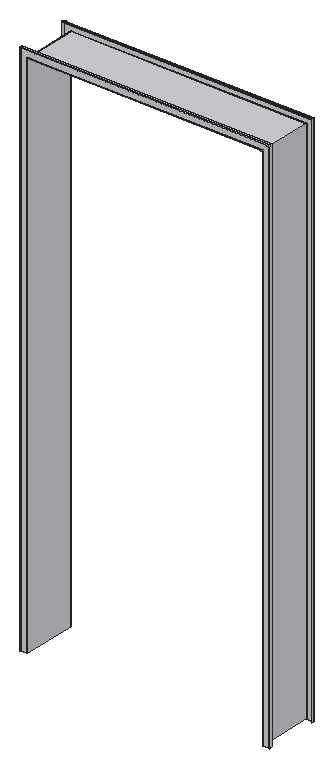
Revit family "BOS-Durchgangszarge-D-MW_Familie", category Türen, Revit 2017
Family settings
  Basisbauteil = Wand
  Immer vertikal = Ja
  Beim Laden mit Abzugskörper schneiden = Nein
  Gemeinsam genutzt = Nein
  Raumberechnungspunkt = Ja
Parameters (values of type "D")
  Wandstärke   Wall Thickness [instance] = 200 mm
  URL = "www.BestOfSteel.de/stahlzargen/weitere-loesungen/durchgangszargen/"
  Typenbild = <Keine Auswahl>
  Spiegel vorne   Architrave Front [instance] = 30 mm
  Spiegel vorne [instance] = if(Spiegel vorne   Architrave Front < 30 mm, 30 mm, if(Spiegel vorne   Architrave Front > 80 mm, 80 mm, Spiegel vorne   Architrave Front))  # 30 mm
  Spiegel hinten [instance] = 30 mm  # constant formula
  Rough Height = 0 mm  # constant formula
  Rough Width = 0 mm  # constant formula
  Rechtliche Hinweise [instance] = "www.BestOfSteel.de/tools-downloads/bim-building-information-modeling/"
  RNH Rohbau_Nennmaß_Höhe   Nominal Wall Opening Height Measurement [instance] = LDH Lichte Durchgangs Höhe + Einfügepunkt  # 2130 mm
  RNB Rohbau_Nennmaß_Breite   Nominal Wall Opening Width Measurement [instance] = LDB Lichte Durchgangs Breite + (2 * Einfügepunkt)  # 1010 mm
  Putzwinkel vorne = 10 mm  # constant formula
  Putzwinkel hinten = 10 mm  # constant formula
  MW min. = 80 mm  # constant formula
  MW max. = GT max. - Putzwinkel vorne - Putzwinkel hinten  # 630 mm
  LDH Lichte_Durchgangs_Höhe   Clearance Height [instance] = 2093 mm
  LDH Lichte Durchgangs Höhe [instance] = if(LDH Lichte_Durchgangs_Höhe   Clearance Height < LDH min., LDH min., if(LDH Lichte_Durchgangs_Höhe   Clearance Height > LDH max., LDH max., LDH Lichte_Durchgangs_Höhe   Clearance Height))  # 2093 mm
  LDB Lichte_Durchgangs_Breite   Clearance Width [instance] = 936 mm
  LDB Lichte Durchgangs Breite [instance] = if(LDB Lichte_Durchgangs_Breite   Clearance Width < LDB min., LDB min., if(LDB Lichte_Durchgangs_Breite   Clearance Width > LDB max., LDB max., LDB Lichte_Durchgangs_Breite   Clearance Width))  # 936 mm
  Information in English = no
  GT max. = 650 mm  # constant formula
  Funktion = Innen
  LDH min. = 1593 mm  # constant formula
  LDH max. = 2843 mm  # constant formula
  LDB min. = 561 mm  # constant formula
  LDB max. = 1311 mm  # constant formula
  Modell = "D"
  Material - Zarge = none
  Material = "grundiert, feuerverzinktes Feinblech nach DIN EN 10143"
  MW Maulweite   Receiving Opening [instance] = if(Wandstärke   Wall Thickness < MW min., MW min., if(Wandstärke   Wall Thickness > MW max., MW max., Wandstärke   Wall Thickness))  # 200 mm
  Height [instance] = RNH Rohbau_Nennmaß_Höhe   Nominal Wall Opening Height Measurement  # 2130 mm
  Hersteller = "BOS GmbH Best Of Steel, Lütkenfelde 4, D-48282 Emsdetten"
  GT Gesamttiefe_Zarge   Total Profile Depth [instance] = MW Maulweite   Receiving Opening + Putzwinkel vorne + Putzwinkel hinten  # 220 mm
  MW Fehler [instance] = or(Wandstärke   Wall Thickness < MW min., Wandstärke   Wall Thickness > MW max.)  # no
  Einfügepunkt = 37 mm  # constant formula
  Dicke = 0 mm  # constant formula
  D = yes
  Width = 0 mm  # constant formula
  Beschreibung = "Durchgangszarge für Mauerwerk"
  Bauelement = "BOS Stahlzarge"
  BOS-Architekten-Beratung = "Tel.: +49 (0) 2572 203-203, Fax -209; E-Mail: architekten@BestOfSteel.de"
  BE max. = 100 mm  # constant formula
  BE Bodeneinstand   Foundation Bedding [instance] = 30 mm
  BE Bodeneinstand [instance] = if(BE Bodeneinstand   Foundation Bedding < 0 mm, 0 mm, if(BE Bodeneinstand   Foundation Bedding > BE max., BE max., BE Bodeneinstand   Foundation Bedding))  # 30 mm
  Allgemeine Informationen zu Stahlzargen = "www.BestOfSteel.de/tools-downloads/technische-infos-rund-um-die-stahlzarge/"
  Info-Texte sichtbar = yes
Reference planes
  plane 1 "Wand": y = 0
  plane 2 "Mitte (Links/rechts)": x = 125
  plane 3 "Hinten": y = 100
  plane 4 "Vorne": y = -100
  plane 5 "RNB links": x = -380
  plane 6 "RNB rechts": x = 630
  plane 7 "RNH oben": z = 2130
  plane 8 "BE": z = -30
  plane 9 "LDH oben": z = 2093
  plane 10 "BE max.": z = -100
  plane 11 "LDB links": x = -343
  plane 12 "LDB rechts": x = 593
Forms (mm)
  Sweep 1, solid, material <- "Material - Zarge", visible <- "D", detail levels medium+fine
    path origin (0, -100, 0) x (-1, 0, 0) y (0, 0, 1)
      loop
        line (380, -30) -> (380, 2130) -> (-630, 2130) -> (-630, -30)
    profile "BOS-D_Profil : BOS-D_Profil" origin (-380, -100, 1050) x (1, 0, 0) y (0, 1, 0)
      loop
        line (7, 200) -> (8.5, 200) -> (8.5, 207.5)
        arc (8.5, 207.5) -> (8.793, 208.207) -> (9.5, 208.5) r 1
        line (9.5, 208.5) -> (34.5, 208.5)
        arc (34.5, 208.5) -> (35.207, 208.207) -> (35.5, 207.5) r 1
        line (35.5, 207.5) -> (35.5, -7.5)
        arc (35.5, -7.5) -> (35.207, -8.207) -> (34.5, -8.5) r 1
        line (34.5, -8.5) -> (9.5, -8.5)
        arc (9.5, -8.5) -> (8.793, -8.207) -> (8.5, -7.5) r 1
        line (8.5, -7.5) -> (8.5, 0) -> (7, 0) -> (7, -7.5)
        arc (7, -7.5) -> (7.732, -9.268) -> (9.5, -10) r 2.5
        line (9.5, -10) -> (34.5, -10)
        arc (34.5, -10) -> (36.268, -9.268) -> (37, -7.5) r 2.5
        line (37, -7.5) -> (37, 207.5)
        arc (37, 207.5) -> (36.268, 209.268) -> (34.5, 210) r 2.5
        line (34.5, 210) -> (9.5, 210)
        arc (9.5, 210) -> (7.732, 209.268) -> (7, 207.5) r 2.5
        line (7, 207.5) -> (7, 200)
Lines and regions (mm)
  Opening 1
    outline origin (-5000, -100, 0) x (1, 0, 0) y (0, 0, 1)
      loop
        line (4655.5, 2094.5) -> (4655.5, 0) -> (5594.5, 0) -> (5594.5, 2094.5) -> (4655.5, 2094.5)
  reference lines
    curve 1: line (65, 650, 0) -> (185, 650, 0)
    curve 2: line (65, -650, 0) -> (185, -650, 0)
    curve 3: line (1130, 100, 0) -> (1130, -100, 0)
Text (mm)
  text "Außen     " at (-1696.17, 830.944, 0), in view "Ref.-Ebene"
  text "Außen" at (0, 1409.804, 2854.306), in view "Links"
  text "Placement side" at (0, 499.811, 2980.732), in view "Rechts"
Dimensions and locks
  locked: plane 3 "Hinten" to host wall
  locked: host wall to plane 4 "Vorne" at 0
  equal spacing: plane 5 "RNB links", plane 2 "Mitte (Links/rechts)", plane 6 "RNB rechts"
  "RNB Rohbau_Nennmaß_Breite   Nominal Wall Opening Width Measurement": plane 5 "RNB links" to plane 6 "RNB rechts"
  "BE Bodeneinstand": plane 8 "BE" to level
  "Wandstärke   Wall Thickness": host wall to host wall
  locked: plane 6 "RNB rechts" to curve 3 at 500
  "LDH Lichte Durchgangs Höhe": plane 9 "LDH oben" to level
  "RNH Rohbau_Nennmaß_Höhe   Nominal Wall Opening Height Measurement": plane 7 "RNH oben" to level
  curve 2 to plane 4 "Vorne" to plane 3 "Hinten" to curve 1 = 550 mm, 200 mm, 550 mm
  "BE max.": level to plane 10 "BE max."
  equal spacing: plane 11 "LDB links", plane 2 "Mitte (Links/rechts)", plane 12 "LDB rechts"
  "LDB Lichte Durchgangs Breite": plane 11 "LDB links" to plane 12 "LDB rechts"
  aligned and locked: plane 1 "Wand" to host wall
  aligned and locked: plane 6 "RNB rechts" to nested 1
  aligned and locked: nested 1 to plane 4 "Vorne"
  aligned and locked: nested 2 to curve 3
  aligned and locked: host wall to nested 2
  aligned and locked: nested 3 to plane 2 "Mitte (Links/rechts)"
  aligned and locked: curve 2 to nested 3
  aligned and locked: plane 5 "RNB links" to nested 4
  aligned and locked: plane 4 "Vorne" to nested 4
  aligned and locked: plane 6 "RNB rechts" to nested 5
  aligned and locked: nested 5 to plane 4 "Vorne"
  aligned and locked: nested 6 to nested 4
  aligned and locked: nested 4 to nested 6
  aligned and locked: plane 2 "Mitte (Links/rechts)" to nested 7
  aligned and locked: curve 1 to nested 7
Automatic sketch dimensions
  Sweep 1 sketch curve to plane 6 "RNB rechts" = 0 mm
  Sweep 1 sketch curve to plane 5 "RNB links" = 0 mm
  Sweep 1 sketch curve to plane 8 "BE" = 0 mm  (x2)
  Sweep 1 sketch curve to plane 7 "RNH oben" = 0 mm
  host wall to curve 3 = 0 mm
  curve 3 to host wall = 0 mm
  plane 2 "Mitte (Links/rechts)" to curve 1 = 60 mm
  plane 2 "Mitte (Links/rechts)" to curve 2 = 60 mm
  curve 1 to plane 2 "Mitte (Links/rechts)" = 60 mm
  curve 2 to plane 2 "Mitte (Links/rechts)" = 60 mm
  Opening 1 sketch curve to level = 0 mm
  Opening 1 sketch curve to plane 11 "LDB links" = 1.5 mm
  plane 12 "LDB rechts" to Opening 1 sketch curve = 1.5 mm
  plane 9 "LDH oben" to Opening 1 sketch curve = 1.5 mm
Nested families
  nested 1: "BOS-BOS_Modell" at (630, -100, 1050), type "BOS-BOS_Modell", not visible
  nested 2: "BOS-Info-Texte_Beschriftung" at (1130, -0.955, 0), visible <- "MW Fehler", type "Maulweite Fehlermeldung"
  nested 3: "BOS-Info-Texte_Beschriftung" at (125, -650.955, 0), visible <- "Info-Texte sichtbar", type "Rechtliche Hinweise"
  nested 4: "BOS-loser-Nagelanker_Detail" at (-365, -50, 0), type "BOS-loser-Nagelanker_Detail", detail levels fine
  nested 5: "BOS-loser-Nagelanker_Detail" at (615, -50, 0) x (-1, 0, 0) z (0, 0, 1), type "BOS-loser-Nagelanker_Detail", detail levels fine
  nested 6: "BOS-Logo_Modell" at (-345, 85, 0), type "BOS-Logo_Modell", detail levels fine
  nested 7: "BOS-Info-Texte_Beschriftung" at (125, 649.045, 0), visible <- "Info-Texte sichtbar", type "Technische Hinweise 2"
Definition of nested family "BOS-BOS_Modell"
  Parameters (values of type "BOS-BOS_Modell")
    Abstand = 22 mm
  Reference planes
    plane 1 "Mitte (Vorne/hinten)": y = 0
    plane 2: z = 0
    plane 3 "Mitte (Links/rechts)": x = 0
    plane 4 "BOS": x = -22
  Dimensions and locks
    "Abstand": plane 4 "BOS" to plane 3 "Mitte (Links/rechts)"
    aligned and locked: level to plane 2
    aligned and locked: plane 1 "Mitte (Vorne/hinten)" to text3d elem
    aligned and locked: text3d elem to level
Definition of nested family "BOS-Info-Texte_Beschriftung"
  Parameters (values of type "Technische Hinweise 2")
    Info-Text En = "Due to manufacturing reasons this Revit family may not be changed\r\nwithout consulting BOS!\r\n\r\nThe solid and stud walls or, for example, their profiles,\r\nmust be designed so that they can reliably and sustainably\r\nabsorb the static and dynamic forces resulting\r\nfrom the load on the door element used."
    Englisch = no
    Info-Text De = "Diese Revit-Familie darf aus fertigungstechnischen Gründen\r\nnicht ohne Rücksprache mit BOS abgeändert werden!\r\n\r\nDie Massiv- und Ständerwerkswände bzw. deren Profile\r\nmüssen so ausgebildet sein, dass sie die statischen\r\nund dynamischen Kräfte, welche sich aus der Belastung\r\nder verwendeten Türelements ergeben, zuverlässig\r\nund nachhaltig aufnehmen können."
    Warndreieck = no
    Fehlerkreis = no
    Deutsch = not(Englisch)  # yes
    Ausrufezeichen = "!"
  Types (14, lengths in mm): name | Info-Text En | Info-Text De | Fehlerkreis
    Technische Hinweise MW | "Due to manufacturing reasons this Revit family may not be changed\r\nwithout consulting BOS!\r\n\r\nDo not mirror frames (door list)!\r\nsee ‘Features’: DIN left / DIN right" | "Diese Revit-Familie darf aus fertigungstechnischen Gründen\r\nnicht ohne Rücksprache mit BOS abgeändert werden!\r\n\r\nZargen nicht spiegeln (Türliste)!\r\nsiehe 'Eigenschaften': DIN links / DIN rechts" | no
    Rechtliche Hinweise | "In accordance with the protection note according to DIN 34, the ownership and copyrights are reserved!\r\n© 2016 BOS GmbH, Emsdetten, Germany -\r\nObserve the ISO 16016 protective label (see ID data)!\r\n\r\nSubject to technical change!" | "Entsprechend dem Schutzvermerk nach DIN 34 behalten wir uns Eigentum und Urheberrecht vor!\r\n© 2016 BOS GmbH, Emsdetten, Deutschland -\r\nSchutzvermerk ISO 16016 beachten (siehe ID-Daten)!\r\n\r\nTechnische Änderungen vorbehalten!" | no
    Maulweite Fehlermeldung | "Check the wall thickness!" | "Wandstärke prüfen!" | yes
    Technische Hinweise STW | "Due to manufacturing reasons this Revit family may not be changed\r\nwithout consulting BOS!\r\n\r\nDo not mirror frames (door list)!\r\nsee ‘Features’: DIN left / DIN right\r\n\r\nUA-profile (according to DIN 18182) to be provided on-site,\r\naccording to static calculation" | "Diese Revit-Familie darf aus fertigungstechnischen Gründen\r\nnicht ohne Rücksprache mit BOS abgeändert werden!\r\n\r\nZargen nicht spiegeln (Türliste)!\r\nsiehe 'Eigenschaften': DIN links / DIN rechts\r\n\r\nUA-Profil (gem. DIN 18182) bauseits,\r\nnach statischer Berechnung" | no
    Rohbaumaß Warnung | "For DIN door leaves, select larger structural wall measurements!" | "Bei DIN-Türblatt Rohbaumaße größer wählen!" | no
    Verstellbereich wkBud | "Adjustment area from -5 to +15mm,\r\nother adjustment areas possible" | "Verstellbereich von -5 bis +15mm\r\nanderer Verstellbereich möglich" | no
    Verstellbereich wSvdW | "Adjustment area in the soffit from -2 to +15mm,\r\nother adjustment areas possible" | "Verstellbereich in der Zargenleibung von -2 bis +15mm\r\nanderer Verstellbereich möglich" | no
    Technische Hinweise MW Norm | "Due to manufacturing reasons this Revit family may not be changed\r\nwithout consulting BOS!" | "Diese Revit-Familie darf aus fertigungstechnischen Gründen\r\nnicht ohne Rücksprache mit BOS abgeändert werden!" | no
    Technische Hinweise STW Norm | "Due to manufacturing reasons this Revit family may not be changed\r\nwithout consulting BOS!\r\n\r\nUA-profile (according to DIN 18182) to be provided on-site,\r\naccording to static calculation" | "Diese Revit-Familie darf aus fertigungstechnischen Gründen\r\nnicht ohne Rücksprache mit BOS abgeändert werden!\r\n\r\nUA-Profil (gem. DIN 18182) bauseits,\r\nnach statischer Berechnung" | no
    Maulweite Auswahl | "To adjust Receiving Opening see 'Features'" | "Anpassung von MW Maulweite unter 'Eigenschaften'" | no
    Technische Hinweise 15Nz15Z | "Due to manufacturing reasons this Revit family may not be changed\r\nwithout consulting BOS!\r\n\r\nDo not mirror frames (door list)!\r\nsee ‘Features’: DIN left / DIN right\r\n\r\nAttention for stud walls:\r\nno standard structural wall measurement, take the underlay into account!\r\nFor selection \"stud walls\":\r\nsee 'Features' (remove tick for brick walls)\r\n\r\nUA-profile (according to DIN 18182) to be provided on-site,\r\naccording to static calculation" | "Diese Revit-Familie darf aus fertigungstechnischen Gründen\r\nnicht ohne Rücksprache mit BOS abgeändert werden!\r\n\r\nZargen nicht spiegeln (Türliste)!\r\nsiehe 'Eigenschaften': DIN links / DIN rechts\r\n\r\nAchtung bei Ständerwerk:\r\nkein Standard-Rohbaumaß, Unterfütterung beachten!\r\nFür Auswahl \"Ständerwerk\": \r\nsiehe 'Eigenschaften' (Häkchen entfernen bei Mauerwerk)\r\n\r\nUA-Profil (gem. DIN 18182) bauseits, nach statischer Berechnung" | no
    Technische Hinweise MW-STW | "Due to manufacturing reasons this Revit family may not be changed\r\nwithout consulting BOS!\r\n\r\nDo not mirror frames (door list)!\r\nsee ‘Features’: DIN left / DIN right\r\n\r\nAttention for stud walls:\r\nUA-profile (according to DIN 18182) to be provided on-site,\r\naccording to static calculation\r\n\r\nAttention for brickwork:\r\nFor DIN door leaves, select larger structural wall measurements!" | "Diese Revit-Familie darf aus fertigungstechnischen Gründen\r\nnicht ohne Rücksprache mit BOS abgeändert werden!\r\n\r\nZargen nicht spiegeln (Türliste)!\r\nsiehe 'Eigenschaften': DIN links / DIN rechts\r\n\r\nAchtung bei Ständerwerk:\r\nUA-Profil (gem. DIN 18182) bauseits, nach statischer Berechnung\r\n\r\nAchtung bei Mauerwerk:\r\nBei DIN-Türblatt Rohbaumaße größer wählen!" | no
    Technische Hinweise | "Due to manufacturing reasons this Revit family may not be changed\r\nwithout consulting BOS!\r\n\r\nDo not mirror frames (door list)!\r\nsee ‘Features’: DIN left / DIN right\r\n\r\nThe solid and stud walls or, for example, their profiles,\r\nmust be designed so that they can reliably and sustainably\r\nabsorb the static and dynamic forces resulting\r\nfrom the load on the door element used." | "Diese Revit-Familie darf aus fertigungstechnischen Gründen\r\nnicht ohne Rücksprache mit BOS abgeändert werden!\r\n\r\nZargen nicht spiegeln (Türliste)!\r\nsiehe 'Eigenschaften': DIN links / DIN rechts\r\n\r\nDie Massiv- und Ständerwerkswände bzw. deren Profile\r\nmüssen so ausgebildet sein, dass sie die statischen\r\nund dynamischen Kräfte, welche sich aus der Belastung\r\nder verwendeten Türelements ergeben, zuverlässig\r\nund nachhaltig aufnehmen können." | no
    Technische Hinweise 2 | "Due to manufacturing reasons this Revit family may not be changed\r\nwithout consulting BOS!\r\n\r\nThe solid and stud walls or, for example, their profiles,\r\nmust be designed so that they can reliably and sustainably\r\nabsorb the static and dynamic forces resulting\r\nfrom the load on the door element used." | "Diese Revit-Familie darf aus fertigungstechnischen Gründen\r\nnicht ohne Rücksprache mit BOS abgeändert werden!\r\n\r\nDie Massiv- und Ständerwerkswände bzw. deren Profile\r\nmüssen so ausgebildet sein, dass sie die statischen\r\nund dynamischen Kräfte, welche sich aus der Belastung\r\nder verwendeten Türelements ergeben, zuverlässig\r\nund nachhaltig aufnehmen können." | no
  Reference planes
    plane 1: y = 0.955
    plane 2: x = 0
  Lines and regions (mm)
    Filled region 1, type "Gefüllter Bereich Gelb", visible <- "Warndreieck"
      outline origin (-7.188, 1.747, 0) x (1, 0, 0) y (0, 1, 0)
        loop
          line (5.951, -3.033) -> (8.413, -3.033) -> (7.182, -0.9) -> (5.951, -3.033)
    Filled region 2, type "Gefüllter Bereich Rot", visible <- "Fehlerkreis"
      outline origin (0, -3.763, 0) x (1, 0, 0) y (0, 1, 0)
        loop
          circle (0, 3.1) r 1.5
        loop
          line (-0.937, 3.486) -> (-0.937, 2.686) -> (1.023, 2.686) -> (1.023, 3.486) -> (-0.937, 3.486)
    Filled region 3, type "Gefüllter Bereich Weiss", visible <- "Fehlerkreis"
      outline origin (-7.014, -2.062, 0) x (1, 0, 0) y (0, 1, 0)
        loop
          line (6.077, 1.785) -> (6.077, 0.985) -> (8.038, 0.985) -> (8.038, 1.785) -> (6.077, 1.785)
  Text (mm)
    label "Info-Text De" at (0.065, 1.415, 0), shows "Info-Text De", visible <- "Deutsch"
    label "!" at (0.065, -0.414, 0), shows "Ausrufezeichen", visible <- "Warndreieck"
    label "Info-Text En" at (0.065, 1.415, 0), shows "Info-Text En", visible <- "Englisch"
  Dimensions and locks
    aligned and locked: Filled region 3 sketch curve to Filled region 2  (x4)
Definition of nested family "BOS-loser-Nagelanker_Detail"
  Parameters (values of type "BOS-loser-Nagelanker_Detail")
    URL = "www.BestOfSteel.de"
    Spiegel vorne = 30 mm
    Spiegel hinten = 30 mm
    MW Maulweite   Receiving Opening = 200 mm
    Info-Flyer = "www.BestOfSteel.de/fileadmin/media/tools_downloads/info_flyer/BOS-ENG-010289C.PDF"
    Manufacturer = "BOS GmbH Best Of Steel, Lütkenfelde 4, D-48282 Emsdetten"
    Falzbreite = 30 mm
    Einfügepunkt = 22 mm
    Description = "loser Nagelanker"
    Keynote = "BOS loser Nagelanker"
  Reference planes
    plane 1: z = 0
    plane 2 "Außenkante Wand": y = 150
    plane 3: x = -15
    plane 4: y = -35
    plane 5: y = 135
    plane 6 "Innenkante Wand": y = -50
    plane 7: x = 35.5
    plane 8: x = 5.5
    plane 9: x = -165
    plane 10: x = 7
    plane 11: x = 37
    plane 12: x = 48.5
  Lines and regions (mm)
    detail lines, in view "Ref.-Ebene"
      curve 1: line (-165, 135, 0) -> (-10, 135, 0)
      curve 2: line (-10, 135, 0) -> (-10, -35, 0)
      curve 3: line (-10, -35, 0) -> (-165, -35, 0)
      curve 4: arc (-34.337, -35, 0) -> (-33.363, -35.12, 0) -> (-32.448, -35.474, 0) r 4
      curve 5: arc (-19.082, -45.443, 0) -> (-20.049, -45.337, 0) -> (-20.971, -45.026, 0) r 4.486
      curve 6: arc (0.529, -42.5, 0) -> (5.437, -46.685, 0) -> (2.08, -52.192, 0) r 4.97
      curve 7: arc (0.529, -45.443, 0) -> (2.515, -47.062, 0) -> (1.329, -49.333, 0) r 2.027
      curve 8: arc (-7.45, -53.348, 0) -> (-5.088, -51.387, 0) -> (-2.253, -50.207, 0) r 10.319
      curve 9: line (-19.333, -42.5, 0) -> (-32.448, -35.474, 0)
      curve 10: line (-20.971, -45.026, 0) -> (-34.086, -38, 0)
      curve 11: line (-34.086, -38, 0) -> (-99.366, -38, 0)
      curve 12: line (2.08, -52.192, 0) -> (-21.179, -58.162, 0)
      curve 13: line (-21.49, -56.951, 0) -> (-7.45, -53.348, 0)
      curve 14: line (-2.253, -50.207, 0) -> (1.329, -49.333, 0)
      curve 15: line (0.529, -42.5, 0) -> (-19.333, -42.5, 0)
      curve 16: line (0.529, -45.443, 0) -> (-19.082, -45.443, 0)
      curve 17: line (-34.337, -35, 0) -> (-119.5, -35, 0)
      curve 18: arc (-104.855, -36.25, 0) -> (-102.239, -37.529, 0) -> (-99.366, -38, 0) r 9.994
      curve 19: line (-119.5, -35, 0) -> (-119.5, -36.25, 0)
      curve 20: line (-119.5, -36.25, 0) -> (-104.855, -36.25, 0)
      curve 21: line (-15, 135, 0) -> (-15, -35, 0)
      curve 39: arc (-4.337, 135, 0) -> (-3.363, 135.12, 0) -> (-2.448, 135.474, 0) r 4
      curve 40: arc (10.918, 145.443, 0) -> (9.951, 145.337, 0) -> (9.029, 145.026, 0) r 4.486
      curve 41: arc (30.529, 142.5, 0) -> (35.437, 146.685, 0) -> (32.08, 152.192, 0) r 4.97
      curve 42: arc (30.529, 145.443, 0) -> (32.515, 147.062, 0) -> (31.329, 149.333, 0) r 2.027
      curve 43: arc (22.55, 153.348, 0) -> (24.912, 151.387, 0) -> (27.747, 150.207, 0) r 10.319
      curve 44: line (10.667, 142.5, 0) -> (-2.448, 135.474, 0)
      curve 45: line (9.029, 145.026, 0) -> (-4.086, 138, 0)
      curve 46: line (-4.086, 138, 0) -> (-69.366, 138, 0)
      curve 47: line (32.08, 152.192, 0) -> (8.821, 158.162, 0)
      curve 48: line (8.51, 156.951, 0) -> (22.55, 153.348, 0)
      curve 49: line (27.747, 150.207, 0) -> (31.329, 149.333, 0)
      curve 50: line (30.529, 142.5, 0) -> (10.667, 142.5, 0)
      curve 51: line (30.529, 145.443, 0) -> (10.918, 145.443, 0)
      curve 52: line (-4.337, 135, 0) -> (-89.5, 135, 0)
      curve 53: arc (-74.855, 136.25, 0) -> (-72.239, 137.529, 0) -> (-69.366, 138, 0) r 9.994
      curve 54: line (-89.5, 135, 0) -> (-89.5, 136.25, 0)
      curve 55: line (-89.5, 136.25, 0) -> (-74.855, 136.25, 0)
      curve 59: line (8.51, 156.951, 0) -> (8.821, 158.162, 0)
      curve 60: line (-21.49, -56.951, 0) -> (-21.179, -58.162, 0)
    detail lines, in view "Ref.-Ebene", not visible
      curve 22: arc (-156.874, -155.441, 0) -> (-155.9, -155.562, 0) -> (-154.985, -155.915, 0) r 4
      curve 23: arc (-141.619, -165.884, 0) -> (-142.586, -165.779, 0) -> (-143.507, -165.467, 0) r 4.486
      curve 24: arc (-122.007, -162.941, 0) -> (-117.1, -167.126, 0) -> (-120.456, -172.633, 0) r 4.97
      curve 25: arc (-122.007, -165.884, 0) -> (-120.022, -167.503, 0) -> (-121.207, -169.774, 0) r 2.027
      curve 26: arc (-129.986, -173.789, 0) -> (-127.624, -171.828, 0) -> (-124.79, -170.648, 0) r 10.319
      curve 27: line (-141.87, -162.941, 0) -> (-154.985, -155.915, 0)
      curve 28: line (-143.507, -165.467, 0) -> (-156.623, -158.441, 0)
      curve 29: line (-156.623, -158.441, 0) -> (-221.903, -158.441, 0)
      curve 30: line (-120.456, -172.633, 0) -> (-143.716, -178.603, 0)
      curve 31: line (-144.026, -177.393, 0) -> (-129.986, -173.789, 0)
      curve 32: line (-124.79, -170.648, 0) -> (-121.207, -169.774, 0)
      curve 33: line (-122.007, -162.941, 0) -> (-141.87, -162.941, 0)
      curve 34: line (-122.007, -165.884, 0) -> (-141.619, -165.884, 0)
      curve 35: line (-156.874, -155.441, 0) -> (-242.036, -155.441, 0)
      curve 36: arc (-227.391, -156.691, 0) -> (-224.776, -157.97, 0) -> (-221.903, -158.441, 0) r 9.994
      curve 37: line (-242.036, -155.441, 0) -> (-242.036, -156.691, 0)
      curve 38: line (-242.036, -156.691, 0) -> (-227.391, -156.691, 0)
      curve 61: line (-144.026, -177.393, 0) -> (-143.716, -178.603, 0)
    reference lines, in view "Ref.-Ebene"
      curve 56: line (7, 165.107, 0) -> (7, 127.938, 0)
      curve 57: line (-23, -65.107, 0) -> (-23, -27.938, 0)
    reference lines, in view "Ref.-Ebene", not visible
      curve 58: line (-145.536, -185.548, 0) -> (-145.536, -148.379, 0)
  Dimensions and locks
    locked: plane 2 "Außenkante Wand" to plane 5 at 15
    locked: plane 6 "Innenkante Wand" to plane 4 at 15
    "MW Maulweite   Receiving Opening": plane 6 "Innenkante Wand" to plane 2 "Außenkante Wand"
    locked: plane 9 to plane 3 at 150
    locked: plane 8 to plane 10 at 1.5
    "Einfügepunkt": plane 3 to plane 10
    locked: plane 7 to plane 11 at 1.5
    "Falzbreite": plane 10 to plane 11
    "Spiegel hinten": curve 56 to plane 11
    "Spiegel vorne": curve 57 to plane 10
    aligned and locked: curve 1 to plane 5
    aligned and locked: plane 4 to curve 3
    aligned and locked: plane 4 to curve 17
    aligned and locked: curve 52 to plane 5
    aligned and locked: plane 9 to curve 1
    aligned and locked: plane 9 to curve 3
  Automatic sketch dimensions
    curve 21 to plane 3 = 0 mm
    curve 21 to curve 2 = 5 mm
    curve 56 to curve 56 = 37.169 mm
    curve 57 to curve 57 = 37.169 mm
    curve 58 to curve 58 = 37.169 mm
    curve 54 to curve 55 = 14.645 mm
    curve 55 to curve 46 = 5.489 mm
    curve 46 to curve 53 = 0.163 mm
    curve 46 to curve 39 = 65.029 mm
    curve 39 to curve 46 = 0.251 mm
    curve 39 to curve 44 = 1.889 mm
    curve 45 to curve 50 = 1.638 mm
    curve 44 to curve 40 = 0.251 mm
    curve 49 to curve 43 = 2.503 mm
    curve 43 to curve 42 = 2.782 mm
    curve 41 to curve 49 = 0.8 mm
    curve 49 to curve 47 = 0.751 mm
    curve 53 to curve 52 = 6.993 mm
    curve 39 to curve 44 = 0.474 mm
    curve 52 to curve 55 = 1.25 mm
    curve 44 to curve 40 = 5.482 mm
    curve 40 to curve 50 = 1.544 mm
    curve 44 to curve 45 = 2.526 mm
    curve 51 to curve 41 = 2.027 mm
    curve 49 to curve 49 = 0.874 mm
    curve 49 to curve 48 = 3.141 mm
    curve 41 to curve 42 = 0 mm  (x4)
    curve 40 to curve 48 = 11.509 mm
    curve 48 to curve 47 = 1.211 mm
    curve 39 to curve 48 = 12.847 mm
    curve 48 to curve 59 = 0.311 mm
    curve 48 to curve 45 = 0.519 mm
    curve 19 to curve 20 = 14.645 mm
    curve 20 to curve 11 = 5.489 mm
    curve 11 to curve 18 = 0.163 mm
    curve 11 to curve 4 = 65.029 mm
    curve 4 to curve 11 = 0.251 mm
    curve 4 to curve 9 = 1.889 mm
    curve 10 to curve 15 = 1.638 mm
    curve 9 to curve 5 = 0.251 mm
    curve 14 to curve 8 = 2.503 mm
    curve 8 to curve 7 = 2.782 mm
    curve 6 to curve 14 = 0.8 mm
    curve 14 to curve 12 = 0.751 mm
    curve 17 to curve 18 = 6.993 mm
    curve 9 to curve 4 = 0.474 mm
    curve 20 to curve 17 = 1.25 mm
    curve 5 to curve 9 = 5.482 mm
    curve 15 to curve 5 = 1.544 mm
    curve 10 to curve 9 = 2.526 mm
    curve 6 to curve 16 = 2.027 mm
    curve 14 to curve 14 = 0.874 mm
    curve 13 to curve 14 = 3.141 mm
    curve 6 to curve 7 = 0 mm  (x4)
    curve 13 to curve 5 = 11.509 mm
    curve 12 to curve 13 = 1.211 mm
    curve 4 to curve 13 = 12.847 mm
    curve 13 to curve 60 = 0.311 mm
    curve 13 to curve 10 = 0.519 mm
    curve 37 to curve 38 = 14.645 mm
    curve 38 to curve 29 = 5.489 mm
    curve 29 to curve 36 = 0.163 mm
    curve 29 to curve 22 = 65.029 mm
    curve 22 to curve 29 = 0.251 mm
    curve 22 to curve 27 = 1.889 mm
    curve 28 to curve 33 = 1.638 mm
    curve 27 to curve 23 = 0.251 mm
    curve 32 to curve 26 = 2.503 mm
    curve 26 to curve 25 = 2.782 mm
    curve 24 to curve 32 = 0.8 mm
    curve 32 to curve 30 = 0.751 mm
    curve 35 to curve 36 = 6.993 mm
    curve 27 to curve 22 = 0.474 mm
    curve 38 to curve 35 = 1.25 mm
    curve 23 to curve 27 = 5.482 mm
    curve 33 to curve 23 = 1.544 mm
    curve 28 to curve 27 = 2.526 mm
    curve 24 to curve 34 = 2.027 mm
    curve 32 to curve 32 = 0.874 mm
    curve 31 to curve 32 = 3.141 mm
    curve 24 to curve 25 = 0 mm  (x4)
    curve 31 to curve 23 = 11.509 mm
    curve 30 to curve 31 = 1.211 mm
    curve 22 to curve 31 = 12.847 mm
    curve 31 to curve 61 = 0.311 mm
    curve 31 to curve 28 = 0.519 mm
Definition of nested family "BOS-Logo_Modell"
  Parameters (values of type "BOS-Logo_Modell")
    URL = "www.BestOfSteel.de"
    Keynote = "BOS Logo"
  Reference planes
    plane 1 "Mitte (Vorne/hinten)": y = 0
    plane 2: z = 0
    plane 3 "Mitte (Links/rechts)": x = 0
    plane 4: x = -30
    plane 5: y = -20
  Dimensions and locks
    aligned and locked: level to plane 2
